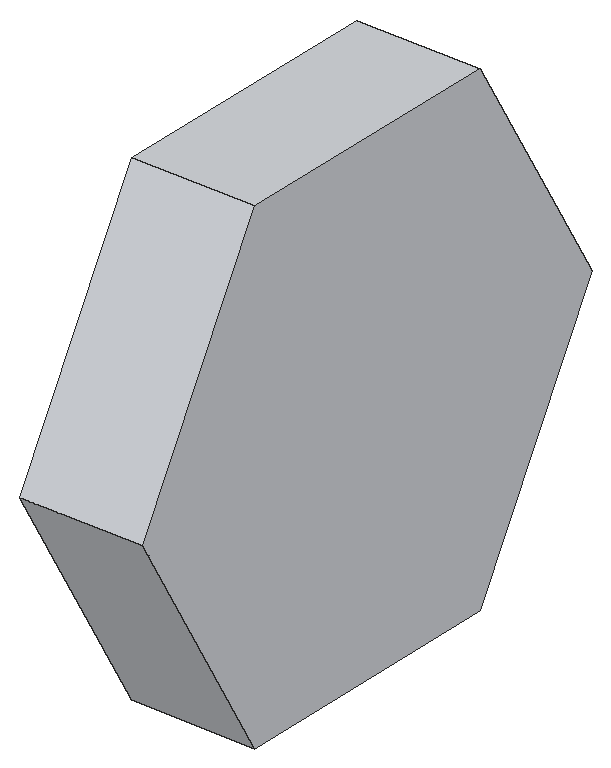
Revit family "Nipple - Rosqueado - CU", category Conexões de tubo, Revit 2019
Family settings
  Cota do conector redondo = Usar raio
  Tipo de parte = União
  Com base no plano de trabalho = Não
  Sempre na vertical = Sim
  Corte com vazios quando carregada = Não
  Compartilhado = Não
Parameters (values of type "Padrão")
  Tamanho da marca de revisão [instance] = Diâmetro nominal * 0.4  # 8 mm
  Raio 1 [instance] = (Diâmetro nominal / 2) * 1.82  # 18.2 mm
  Raio nominal [instance] = 10 mm
  Diâmetro nominal [instance] = Raio nominal * 2  # 20 mm
  Método de perda = Coeficiente K da tabela
  Nome da tabela de pesquisa = "BR_Nipple - Threaded - CU"
  Comprimento 2 [instance] = Raio 1 * (1 - sin(60.00°))  # 2.438 mm
  Comprimento 1 [instance] = Raio 1 * cos(60.00°)  # 9.1 mm
  Comprimento [instance] = size_lookup(Nome da tabela de pesquisa, "Lgt", 0.14 * Diâmetro nominal + 5.2 mm, Diâmetro nominal)  # 8 mm
  Tabela de coeficiente K = "Redutor/Acoplamento/União/Redutor"
  Raio externo da conexão [instance] = Diâmetro externo da conexão / 2  # 18 mm
  Diâmetro externo da conexão [instance] = Diâmetro nominal * 1.8  # 36 mm
Reference planes
  plane 1 "Centro (frente/trás)": y = 0
  plane 2: z = 0
  plane 3 "Centro (direita/esquerda)": x = 0
  plane 4 "Esquerda": x = -4
  plane 5: x = 4
  plane 6: y = 8
  plane 7: y = -8
  plane 8: z = 18.2
  plane 9: y = -18.2
  plane 10: y = 18.2
  plane 11: z = -18.2
  plane 12: z = 15.762
  plane 13: y = -9.1
  plane 14: z = -15.762
  plane 15: y = 9.1
  plane 16: y = 8
  plane 17: y = -8
Forms (mm)
  Extrusion 1, solid, detail levels fine
    sketch origin (-4, 0, 0) x (0, 1, 0) y (0, 0, 1)
      loop
        line (-9.1, -15.762) -> (9.1, -15.762) -> (18.2, 0) -> (9.1, 15.762) -> (-9.1, 15.762) -> (-18.2, 0) -> (-9.1, -15.762)
    from 0 to 8
  Extrusion 2, solid, not visible, detail levels fine
    sketch origin (-4, 0, 0) x (0, 1, 0) y (0, 0, 1)
      loop
        circle (0, 0) r 3
    from 0 to 8
Lines and regions (mm)
  model lines, detail levels coarse+medium
    curve 1: line (-4, 0, 0) -> (4, 0, 0)
    curve 2: line (-4, 8, 0) -> (-4, -8, 0)
    curve 3: line (4, 8, 0) -> (4, -8, 0)
Dimensions and locks
  "Comprimento": plane 4 "Esquerda" to plane 5
  "Tamanho da marca de revisão": plane 6 to plane 1 "Centro (frente/trás)"
  equal spacing: plane 6, plane 1 "Centro (frente/trás)", plane 7
  "Raio 1": plane 8 to plane 2
  "Raio 1": plane 11 to plane 2
  "Raio 1": plane 9 to plane 1 "Centro (frente/trás)"
  "Raio 1": plane 1 "Centro (frente/trás)" to plane 10
  "Comprimento 1": plane 15 to plane 10
  "Comprimento 1": plane 9 to plane 13
  "Comprimento 2": plane 8 to plane 12
  "Comprimento 2": plane 11 to plane 14
  equal spacing: plane 4 "Esquerda", plane 3 "Centro (direita/esquerda)", plane 5
  equal spacing: plane 17, plane 1 "Centro (frente/trás)", plane 16
  "Tamanho da marca de revisão": plane 17 to plane 1 "Centro (frente/trás)"
  aligned and locked: plane 4 "Esquerda" to curve 1
  aligned and locked: plane 1 "Centro (frente/trás)" to curve 1
  aligned and locked: plane 6 to curve 2
  aligned and locked: plane 7 to curve 2
  aligned and locked: curve 3 to plane 5
  aligned and locked: Extrusion 1 sketch curve to plane 12
  aligned and locked: Extrusion 1 sketch curve to plane 14
  aligned and locked: plane 9 to Extrusion 1 sketch curve
  aligned and locked: plane 10 to Extrusion 1 sketch curve
  aligned and locked: plane 16 to curve 3
  aligned and locked: plane 17 to curve 3
  aligned and locked: Extrusion 2 to plane 4 "Esquerda"
  aligned and locked: plane 5 to Extrusion 2
  aligned and locked: plane 5 to Extrusion 1
  aligned and locked: Extrusion 1 to plane 4 "Esquerda"
Automatic sketch dimensions
  Extrusion 1 sketch curve to level = 0 mm  (x2)
  Extrusion 1 sketch curve to plane 13 = 0 mm  (x2)
  Extrusion 1 sketch curve to plane 15 = 0 mm  (x2)
  Extrusion 2 sketch curve to level = 0 mm
  Extrusion 2 sketch curve to plane 1 "Centro (frente/trás)" = 0 mm
  radius of Extrusion 2 sketch curve = 3 mm
Connectors
  piping at (-4, 0, 0), diameter 20, driven by "Raio nominal"
    settings: on Extrusion 2, index 1, connector inside diameter 20 mm, connector length 0 mm, flow factor 0, pipe flow 0.0 L/s, pressure drop 0.0 Pa, fitting loss kfactor 0, connector angle 0.00°, fixture units 0, engagement length 0 mm, angle of deflection 0.00°, flow configuration 0, flow direction 0, fitting loss method 0, system type 28, joint type 0, gender type 0, connector reference index 2, connector utility 0, adjustable connector no, is connector primary yes, connector description ""
  piping at (4, 0, 0), diameter 20, driven by "Raio nominal"
    settings: on Extrusion 2, index 2, connector inside diameter 20 mm, connector length 0 mm, flow factor 0, pipe flow 0.0 L/s, pressure drop 0.0 Pa, fitting loss kfactor 0, connector angle 0.00°, fixture units 0, engagement length 0 mm, angle of deflection 0.00°, flow configuration 0, flow direction 0, fitting loss method 0, system type 28, joint type 0, gender type 0, connector reference index 1, connector utility 0, adjustable connector no, is connector primary no, connector description ""
